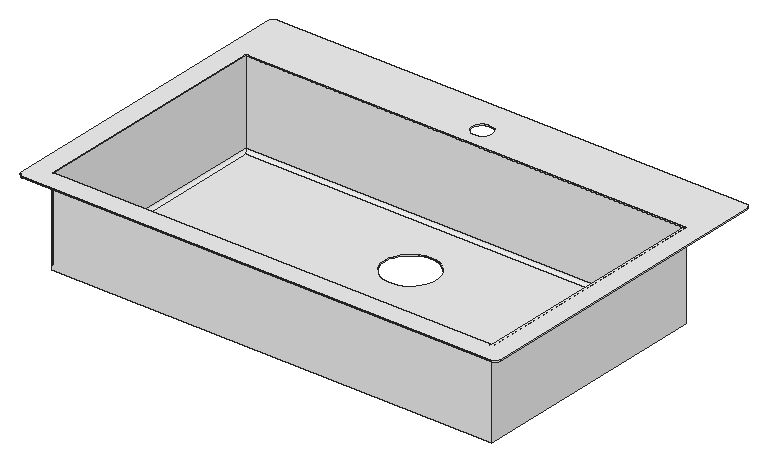
Revit family "Sink-American_Standard-Edgewater-18SB6332211.075", category Plumbing Fixtures, Revit 2014
Parameters (values of type "18SB6332211.075")
  Width = 33"  # constant formula
  Waste Connection Width = 8.70079"
  Waste Connection Radius = Waste Connection Diameter / 2  # 3/4"
  Waste Connection Offset = 8 3/4"  # constant formula
  Waste Connection Diameter = 1 1/2"
  Waste Connection = 1 < 2  # yes
  Warranty Documentation Link = "https://www.americanstandard-us.com/parts-support/warranty/lifetime-warranty-stainless-steel-sinks"
  WFU = 4  # constant formula
  Vent Connection = no
  Undermount Installation = no
  URL = "https://www.americanstandard-us.com/"
  Type Comments = "36\" (914mm) cabinet required"
  Topmount Installation = not(Undermount Installation)  # yes
  Sink Offset [instance] = 2"
  Product Page URL = ""
  Product Documentation Link = ""
  Price = "Prices may vary. Please consult Manufacturer Representative for most up-to-date price list."  # constant formula
  Mounting Height [instance] = if(Topmount Installation, Counter Thickness + 1/16", 0")  # 1 1/16"
  Model = "18SB6332211.075"
  Material = "Stainless Steel-American Standard-075-Satin"
  Manufacturer = "American Standard"  # constant formula
  Length = 22"  # constant formula
  Installation Type = "Dual Mount"  # constant formula
  Hot Water Connection Width = 4"
  Hot Water Connection Radius = Hot Water Connection Diameter / 2  # 1/4"
  Hot Water Connection Diameter = 1/2"
  Height = 6"  # constant formula
  HWFU = 3  # constant formula
  HW Connection = 1 < 2  # yes
  Finish = Stainless Steel-American Standard-075-Satin
  Description = "Edgewater ADA Single Bowl Kitchen Sink"  # constant formula
  Default Elevation = 34"  # constant formula
  Creation Date = "02/05/2019"  # constant formula
  Counter Thickness [instance] = 1"
  Cold Water Connection Width = 4"
  Cold Water Connection Radius = 1/4"
  Cold Water Connection Diameter = Cold Water Connection Radius * 2  # 1/2"
  CWFU = 3  # constant formula
  CW Connection = 1 < 2  # yes
  Bowl Width = 30 1/4"  # constant formula
  Bowl Length = 16 9/16"  # constant formula
  Basin Shape = "Rectangular"  # constant formula
  Assembly Code = "D2010410"
  ADA Compliant = yes
Reference planes (in)
  plane 1 "Center (Front/Back)": y = 0
  plane 2: z = 0
  plane 3 "Center (Left/Right)": x = 0
  plane 4: x = -16.5
  plane 5: x = 16.5
  plane 6: y = -2
  plane 7: y = -24
  plane 8: z = -1
  plane 9: z = -5.9375
  plane 10: z = 0.0625
  plane 11: y = -4.55859
  plane 12: y = -6.05469
  plane 13: y = -22.61719
  plane 14: y = -10.75
  plane 15: z = -11.0625
  plane 16: z = -12.5625
  plane 17: x = -4
  plane 18: x = 4
  plane 19: x = -15.125
  plane 20: x = 15.125
Forms (in)
  Extrusion 1, solid, material "Stainless Steel-American Standard-075-Satin" <- "Finish"
    sketch origin (0, 0, 0) x (1, 0, 0) y (0, 1, 0)
      loop
        arc (-16.1063, -2) -> (-16.38469, -2.11531) -> (-16.5, -2.3937) r 0.3937
        line (-16.5, -2.3937) -> (-16.5, -23.6063)
        arc (-16.5, -23.6063) -> (-16.38469, -23.88469) -> (-16.1063, -24) r 0.3937
        line (-16.1063, -24) -> (16.1063, -24)
        arc (16.1063, -24) -> (16.38469, -23.88469) -> (16.5, -23.6063) r 0.3937
        line (16.5, -23.6063) -> (16.5, -2.3937)
        arc (16.5, -2.3937) -> (16.38469, -2.11531) -> (16.1063, -2) r 0.3937
        line (16.1063, -2) -> (-16.1063, -2)
      loop
        circle (0, -4.55859) r 0.68898
      loop
        line (15.32185, -5.85784) -> (-15.32185, -5.85784) -> (-15.32185, -22.81404) -> (15.32185, -22.81404) -> (15.32185, -5.85784)
    from 0 to 0.0625
  Extrusion 2, solid, not visible
    sketch origin (0, 0, 0) x (1, 0, 0) y (0, 0, 1)
      loop
        circle (-4, -11.0625) r 0.25
      loop
        circle (4, -11.0625) r 0.25
      loop
        circle (0, -12.5625) r 0.75
    from 0 to 0.0625
  Sweep 3, solid, material "Stainless Steel-American Standard-075-Satin" <- "Finish"
    path origin (7.79528, 0, 0) x (1, 0, 0) y (0, 1, 0)
      loop
        line (-22.92028, -6.05469) -> (-22.92028, -22.61719) -> (7.32972, -22.61719) -> (7.32972, -6.05469) -> (-22.92028, -6.05469)
    profile origin (-15.125, -14.33594, 0) x (-1, 0, 0) y (0, 0, 1)
      loop
        arc (0, -5.64709) -> (-0.06661, -5.8079) -> (-0.22742, -5.87451) r 0.22742
        line (-0.22742, -5.87451) -> (-0.33071, -5.87451) -> (-0.33071, -5.9375) -> (0.06299, -5.9375) -> (0.06299, 0) -> (0.19685, 0) -> (0.19685, 0.0625) -> (0.03677, 0.0625)
        arc (0.03677, 0.0625) -> (0.01077, 0.05173) -> (0, 0.02573) r 0.03677
        line (0, 0.02573) -> (0, -5.64709)
  Extrusion 4, solid, material "Stainless Steel-American Standard-075-Satin" <- "Finish"
    sketch origin (0, 0, 0) x (1, 0, 0) y (0, 1, 0)
      loop
        line (-14.79429, -6.3854) -> (-14.79429, -22.28648) -> (14.79429, -22.28648) -> (14.79429, -6.3854) -> (-14.79429, -6.3854)
      loop
        circle (0, -10.75) r 1.78125
    from -5.9375 to -5.87451
  Extrusion 5, void
    sketch origin (0, 0, 0) x (1, 0, 0) y (0, 1, 0)
      loop
        line (-15.18799, -5.9917) -> (-15.18799, -22.68018) -> (15.18799, -22.68018) -> (15.18799, -5.9917) -> (-15.18799, -5.9917)
    from -5.9375 to 0.40823
Cuts and joins
  joined: Extrusion 1, Sweep 3, Extrusion 4
Lines and regions (in)
  Masking region 1
    outline origin (0, 0, 0) x (1, 0, 0) y (0, 1, 0)
      loop
        line (16.1063, -2) -> (-16.1063, -2)
        arc (-16.1063, -2) -> (-16.38469, -2.11531) -> (-16.5, -2.3937) r 0.3937
        line (-16.5, -2.3937) -> (-16.5, -23.6063)
        arc (-16.5, -23.6063) -> (-16.38469, -23.88469) -> (-16.1063, -24) r 0.3937
        line (-16.1063, -24) -> (16.1063, -24)
        arc (16.1063, -24) -> (16.38469, -23.88469) -> (16.5, -23.6063) r 0.3937
        line (16.5, -23.6063) -> (16.5, -2.3937)
        arc (16.5, -2.3937) -> (16.38469, -2.11531) -> (16.1063, -2) r 0.3937
  symbolic lines, detail levels fine
    curve 1: circle (0, -4.55859, 0) r 0.68898 normal (0, 0, 1)
    curve 2: circle (0, -10.75, 0) r 1.78125 normal (0, 0, 1)
  symbolic lines, detail levels medium+fine
    curve 3: line (-15.1245, -6.05518, 0) -> (15.12803, -6.05518, 0)
    curve 4: line (-15.1245, -22.62031, 0) -> (-15.1245, -6.05518, 0)
    curve 5: line (15.12803, -22.62031, 0) -> (-15.1245, -22.62031, 0)
    curve 6: line (15.12803, -6.05518, 0) -> (15.12803, -22.62031, 0)
Dimensions and locks (in)
  equal spacing: plane 4, plane 3 "Center (Left/Right)", plane 5
  "Sink Offset": plane 1 "Center (Front/Back)" to plane 6
  "Length": plane 6 to plane 7
  "Width": plane 4 to plane 5
  "Counter Thickness": level to plane 8
  "Mounting Height": plane 10 to plane 8
  "Height": plane 10 to plane 9
  locked: plane 11 to plane 6 at 2.55859
  locked: plane 12 to plane 6 at 4.05469
  "Bowl Length": plane 13 to plane 12
  locked: level to plane 15 at 11.0625
  locked: level to plane 16 at 12.5625
  "Hot Water Connection Width": plane 17 to plane 3 "Center (Left/Right)"
  "Cold Water Connection Width": plane 18 to plane 3 "Center (Left/Right)"
  equal spacing: plane 19, plane 3 "Center (Left/Right)", plane 20
  "Bowl Width": plane 19 to plane 20
  locked: profile plane to Sweep 3 sketch curve at 0.06299
  locked: profile plane to Sweep 3 sketch curve at 0.19685
  locked: Sweep 3 sketch curve to plane 9 at 0.06299
  locked: plane 10 to Sweep 3 sketch curve at 0.0625
  locked: Extrusion 5 to level at 0.40823
  "Waste Connection Offset": plane 14 to plane 6
  radius of Extrusion 1 sketch curve = 0.68898"
  radius of Extrusion 1 sketch curve = 0.3937"  (x4)
  "Hot Water Connection Diameter": diameter of Extrusion 2 sketch curve
  "Cold Water Connection Diameter": diameter of Extrusion 2 sketch curve
  "Waste Connection Diameter": diameter of Extrusion 2 sketch curve
  radius of Sweep 3 sketch curve = 0.22742"
  radius of Extrusion 4 sketch curve = 1 25/32"
  aligned and locked: Extrusion 1 sketch curve to plane 6
  aligned and locked: plane 4 to Extrusion 1 sketch curve
  aligned and locked: plane 7 to Extrusion 1 sketch curve
  aligned and locked: plane 5 to Extrusion 1 sketch curve
  aligned and locked: plane 3 "Center (Left/Right)" to Extrusion 1 sketch curve
  aligned and locked: plane 11 to Extrusion 1 sketch curve
  aligned and locked: plane 15 to Extrusion 2 sketch curve  (x2)
  aligned and locked: plane 18 to Extrusion 2 sketch curve
  aligned and locked: plane 17 to Extrusion 2 sketch curve
  aligned and locked: plane 16 to Extrusion 2 sketch curve
  aligned and locked: plane 3 "Center (Left/Right)" to Extrusion 2 sketch curve
  aligned and locked: profile plane to Sweep 3 sketch curve  (x2)
  aligned and locked: Sweep 3 sketch curve to plane 20
  aligned and locked: plane 19 to Sweep 3 sketch curve
  aligned and locked: Sweep 3 sketch curve to plane 13
  aligned and locked: plane 12 to Sweep 3 sketch curve
  aligned and locked: plane 9 to Sweep 3 sketch curve
  aligned and locked: Extrusion 4 sketch curve to Sweep 3  (x4)
  aligned and locked: plane 3 "Center (Left/Right)" to Extrusion 4 sketch curve
  aligned and locked: plane 14 to Extrusion 4 sketch curve
  aligned and locked: Sweep 3 to Extrusion 4  (x2)
  aligned and locked: Sweep 3 sketch curve to plane 10
  aligned and locked: Extrusion 1 to plane 10
  aligned and locked: Extrusion 1 to Sweep 3
  aligned and locked: Extrusion 1 sketch curve to Sweep 3  (x4)
  aligned and locked: Masking region 1 sketch curve to cut or joined group of Extrusion 1, Sweep 3, Extrusion 4  (x4)
  aligned and locked: curve 2 to cut or joined group of Extrusion 1, Sweep 3, Extrusion 4
  aligned and locked: curve 1 to cut or joined group of Extrusion 1, Sweep 3, Extrusion 4
  aligned and locked: curve 3 to cut or joined group of Extrusion 1, Sweep 3, Extrusion 4
  aligned and locked: curve 4 to cut or joined group of Extrusion 1, Sweep 3, Extrusion 4
  aligned and locked: curve 5 to cut or joined group of Extrusion 1, Sweep 3, Extrusion 4
  aligned and locked: curve 6 to cut or joined group of Extrusion 1, Sweep 3, Extrusion 4
  aligned and locked: Extrusion 5 sketch curve to cut or joined group of Extrusion 1, Sweep 3, Extrusion 4  (x4)
  aligned and locked: plane 9 to Extrusion 5
Automatic sketch dimensions
  Extrusion 1 sketch curve to plane 6 = 0"
  Sweep 3 sketch curve to Sweep 3 sketch curve = 0.10329"
  Sweep 3 sketch curve to profile plane = 0.03677"
Connectors (in)
  piping at (-4, 0, -11.0625), diameter 0.5, driven by "HWFU", driven by "Hot Water Connection Diameter"
    settings: on Extrusion 2, index 1, connector inside diameter 24", connector length 0", flow factor 0, pipe flow 0 GPM, pressure drop 0.00 psi, fitting loss kfactor 0, connector angle 0.00°, fixture units 3, engagement length 0", angle of deflection 0.00°, flow configuration 3, flow direction 1, fitting loss method 0, system type 19, joint type 0, gender type 0, connector reference index -1, connector utility 0, adjustable connector no, is connector primary yes, connector description "1/2\" HW Inlet"
  piping at (0, 0, -12.5625), diameter 1.5, driven by "WFU", driven by "Waste Connection Diameter"
    settings: on Extrusion 2, index 2, connector inside diameter 24", connector length 0", flow factor 0, pipe flow 0 GPM, pressure drop 0.00 psi, fitting loss kfactor 0, connector angle 0.00°, fixture units 4, engagement length 0", angle of deflection 0.00°, flow configuration 3, flow direction 2, fitting loss method 0, system type 16, joint type 0, gender type 0, connector reference index -1, connector utility 0, adjustable connector yes, is connector primary no, connector description "1-1/2\" Waste Outlet"
  piping at (4, 0, -11.0625), diameter 0.5, driven by "CWFU", driven by "Cold Water Connection Diameter"
    settings: on Extrusion 2, index 3, connector inside diameter 24", connector length 0", flow factor 0, pipe flow 0 GPM, pressure drop 0.00 psi, fitting loss kfactor 0, connector angle 0.00°, fixture units 3, engagement length 0", angle of deflection 0.00°, flow configuration 3, flow direction 1, fitting loss method 0, system type 20, joint type 0, gender type 0, connector reference index -1, connector utility 0, adjustable connector no, is connector primary no, connector description "1/2\" CW Inlet"
